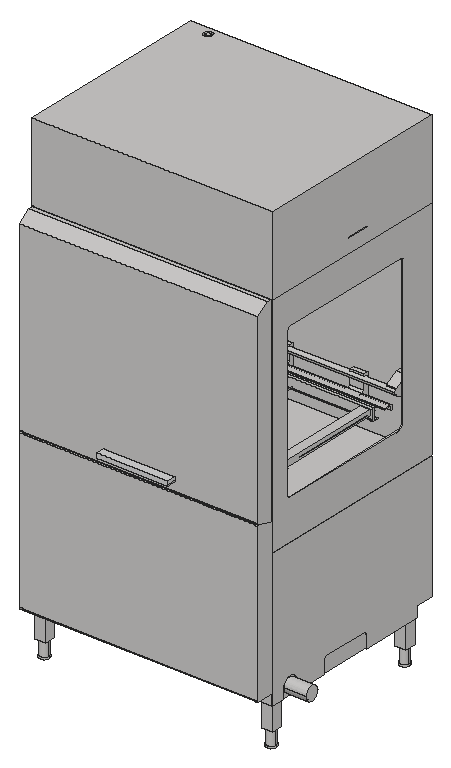
Revit family "QF_ELECTROLUXPROFESSIONAL_535037_ELPWEEW", category Specialty Equipment, Revit 2018
Family settings
  Round Connector Dimension = Use Diameter
  Part Type = Normal
  Work Plane-Based = No
  Always vertical = Yes
  Cut with Voids When Loaded = No
  Shared = No
  Room Calculation Point = No
Parameters
  Weight = 0.00 kg
  Watts = 0 W
  Volts = 380 V
  URL Manufacturer = "http://professional.electrolux.com/"
  URL = "http://professional.electrolux.com/"
  Steam Supply Size = 0 mm
  Steam Supply Minimum Pressure = 0.0 Pa
  Steam Supply Maximum Pressure = 0.0 Pa
  Steam Pounds per Hour = 0
  Show Clearance [instance] = yes
  Refrigeration Suction Line Size = 0 mm
  Refrigeration Liquid Line Size = 0 mm
  Refrigerant Compressor Remote = yes
  Manufacturer = "Electrolux"
  Phase = 3
  Model = "ELPWEEW"
  Length Actual = 890 mm  # constant formula
  Item Number = "535037"
  Hot Water Size = 0 mm
  Height Actual = 1785 mm  # constant formula
  HP = "20.8 HP"
  Gas Size = 0 mm
  Gas KW = 0
  Gas Input Pressure = 0 W
  Direct Waste Size = 50 mm
  Description = "LARGE PRE-WASH MODULE RT-ELEC.ESD"
  Depth Actual = 825 mm  # constant formula
  Cycle = 50 Hz
  Condensate Return Size = 0 mm
  Compressed Air Volume = 0.0 L/s
  Compressed Air Size = 0 mm
  Compressed Air Pressure = 0.0 Pa
  Cold Water Size = 0 mm
  Accessory = yes
Reference planes
  plane 1 "Center X": y = -14.242
  plane 2: z = 0
  plane 3 "Center Y": x = 293.437
  plane 4 "LEFT": x = -151.563
  plane 5 "RIGHT": x = 738.437
  plane 6 "BACK": y = 383.258
  plane 7 "FRONT": y = -411.742
  plane 8: z = 150
  plane 9: z = 2095
  plane 10: z = 185
  plane 11 "TOP": z = 1785
Forms (mm)
  Extrusion 1, solid, material "QF_Clearance", visible <- "Show Clearance", detail levels coarse
    sketch origin (0, 0, 0) x (1, 0, 0) y (0, 1, 0)
      loop
        line (-151.563, 383.258) -> (738.437, 383.258) -> (738.437, 433.258) -> (-151.563, 433.258) -> (-151.563, 383.258)
    from 0 to 1785
  Extrusion 2, solid, material "QF_Finishes_Stainless Steel"
    sketch origin (-151.563, 437.565, 4000) x (0, 1, 0) y (0, 0, 1)
      loop
        line (-54.307, -2507) -> (-786.807, -2507) -> (-786.807, -3337)
        arc (-786.807, -3337) -> (-785.343, -3340.536) -> (-781.807, -3342) r 5
        line (-781.807, -3342) -> (-59.307, -3342)
        arc (-59.307, -3342) -> (-55.772, -3340.536) -> (-54.307, -3337) r 5
        line (-54.307, -3337) -> (-54.307, -2507)
      loop
        line (-203.511, -2625.157) -> (-705.104, -2625.157)
        arc (-705.104, -2625.157) -> (-717.267, -2630.195) -> (-722.305, -2642.358) r 17.201
        line (-722.305, -2642.358) -> (-722.305, -3177.057)
        arc (-722.305, -3177.057) -> (-717.267, -3189.22) -> (-705.104, -3194.258) r 17.201
        line (-705.104, -3194.258) -> (-203.511, -3194.258)
        arc (-203.511, -3194.258) -> (-191.348, -3189.22) -> (-186.31, -3177.057) r 17.201
        line (-186.31, -3177.057) -> (-186.31, -2642.358)
        arc (-186.31, -2642.358) -> (-191.348, -2630.195) -> (-203.511, -2625.157) r 17.201
    from 0 to 5
  Extrusion 3, solid, material "QF_Finishes_Stainless Steel"
    sketch origin (293.437, 0, 0) x (0, 1, 0) y (0, 0, 1)
      loop
        line (383.258, 1785) -> (-349.242, 1785) -> (-349.242, 1493) -> (383.258, 1493) -> (383.258, 1785)
    from -445 to 445
  Extrusion 4, solid, material "QF_Finishes_Stainless Steel"
    sketch origin (293.437, 0, 0) x (0, 1, 0) y (0, 0, 1)
      loop
        line (383.258, 1493) -> (-349.242, 1493) -> (-349.242, 150) -> (315.758, 150) -> (315.758, 188) -> (383.258, 188) -> (383.258, 1493)
      loop
        line (315.758, 1443) -> (-324.242, 1443) -> (-324.242, 708) -> (315.758, 708) -> (315.758, 1443)
    from -440 to 440
  Extrusion 5, solid, material "QF_Finishes_Stainless Steel"
    sketch origin (-151.563, 437.565, 4000) x (0, 1, 0) y (0, 0, 1)
      loop
        line (-59.307, -3344) -> (-781.807, -3344)
        arc (-781.807, -3344) -> (-785.343, -3345.464) -> (-786.807, -3349) r 5
        line (-786.807, -3349) -> (-786.807, -3850) -> (-740.31, -3850) -> (-740.31, -3815)
        arc (-740.31, -3815) -> (-707.31, -3782) -> (-674.31, -3815) r 33
        line (-674.31, -3815) -> (-674.31, -3850) -> (-554.307, -3850) -> (-554.307, -3805)
        arc (-554.307, -3805) -> (-549.914, -3794.393) -> (-539.307, -3790) r 15
        line (-539.307, -3790) -> (-369.307, -3790)
        arc (-369.307, -3790) -> (-358.701, -3794.393) -> (-354.307, -3805) r 15
        line (-354.307, -3805) -> (-354.307, -3850) -> (-121.807, -3850) -> (-121.807, -3812) -> (-54.307, -3812) -> (-54.307, -3349)
        arc (-54.307, -3349) -> (-55.772, -3345.464) -> (-59.307, -3344) r 5
    from 0 to 5
  Extrusion 6, solid, material "QF_Finishes_Stainless Steel"
    sketch origin (738.437, 479.936, 4000) x (0, 1, 0) y (0, 0, 1)
      loop
        line (-96.678, -2507) -> (-829.178, -2507) -> (-829.178, -3337)
        arc (-829.178, -3337) -> (-827.714, -3340.536) -> (-824.178, -3342) r 5
        line (-824.178, -3342) -> (-101.678, -3342)
        arc (-101.678, -3342) -> (-98.142, -3340.536) -> (-96.678, -3337) r 5
        line (-96.678, -3337) -> (-96.678, -2507)
      loop
        line (-245.882, -2625.157) -> (-747.475, -2625.157)
        arc (-747.475, -2625.157) -> (-759.638, -2630.195) -> (-764.676, -2642.358) r 17.201
        line (-764.676, -2642.358) -> (-764.676, -3177.057)
        arc (-764.676, -3177.057) -> (-759.638, -3189.22) -> (-747.475, -3194.258) r 17.201
        line (-747.475, -3194.258) -> (-245.882, -3194.258)
        arc (-245.882, -3194.258) -> (-233.718, -3189.22) -> (-228.68, -3177.057) r 17.201
        line (-228.68, -3177.057) -> (-228.68, -2642.358)
        arc (-228.68, -2642.358) -> (-233.718, -2630.195) -> (-245.882, -2625.157) r 17.201
    from -5 to 0
  Extrusion 7, solid, material "QF_Finishes_Stainless Steel"
    sketch origin (738.437, 479.936, 4000) x (0, 1, 0) y (0, 0, 1)
      loop
        line (-101.678, -3344) -> (-824.178, -3344)
        arc (-824.178, -3344) -> (-827.714, -3345.464) -> (-829.178, -3349) r 5
        line (-829.178, -3349) -> (-829.178, -3850) -> (-782.68, -3850) -> (-782.68, -3815)
        arc (-782.68, -3815) -> (-749.68, -3782) -> (-716.68, -3815) r 33
        line (-716.68, -3815) -> (-716.68, -3850) -> (-596.678, -3850) -> (-596.678, -3805)
        arc (-596.678, -3805) -> (-592.285, -3794.393) -> (-581.678, -3790) r 15
        line (-581.678, -3790) -> (-411.678, -3790)
        arc (-411.678, -3790) -> (-401.071, -3794.393) -> (-396.678, -3805) r 15
        line (-396.678, -3805) -> (-396.678, -3850) -> (-164.178, -3850) -> (-164.178, -3812) -> (-96.678, -3812) -> (-96.678, -3349)
        arc (-96.678, -3349) -> (-98.142, -3345.464) -> (-101.678, -3344) r 5
    from -5 to 0
  Extrusion 8, void
    sketch origin (293.437, 383.258, 1785) x (1, 0, 0) y (0, -1, 0)
      loop
        circle (-353, 33.75) r 8
      loop
        circle (-353, 33.75) r 16
    from 0 to 5
Cuts and joins
  Extrusion 8 cuts Extrusion 3
Lines and regions (mm)
  symbolic lines, style "QF_Clearances", visible <- "Show Clearance", detail levels coarse
    curve 1: line (738.437, 433.258, 1785) -> (-151.563, 433.258, 1785)
  symbolic lines
    curve 2: line (-151.563, 383.258, 0) -> (738.437, 383.258, 0)
    curve 3: line (-151.563, -349.242, 0) -> (-151.563, 383.258, 0)
    curve 4: line (738.437, -349.242, 0) -> (-151.563, -349.242, 0)
    curve 5: line (738.437, 383.258, 0) -> (738.437, -349.242, 0)
    curve 6: line (-151.563, 315.758, 0) -> (738.437, 315.758, 0)
Dimensions and locks
  plane 4 "LEFT" to plane 5 "RIGHT" = 890 mm
  equal spacing: plane 6 "BACK", plane 1 "Center X", plane 7 "FRONT"
  plane 6 "BACK" to plane 7 "FRONT" = 795 mm
  plane 8 to level = 150 mm
  Extrusion 1 to Extrusion 8 sketch curve = 92 mm
  locked: Extrusion 5 to plane 4 "LEFT" at 5
  locked: plane 5 "RIGHT" to Extrusion 7 at 5
  aligned and locked: level to plane 2
  aligned and locked: plane 4 "LEFT" to nested 5
  aligned and locked: plane 5 "RIGHT" to nested 4
  aligned and locked: cut or joined group of Extrusion 3, Extrusion 8 to plane 4 "LEFT"
  aligned and locked: plane 5 "RIGHT" to cut or joined group of Extrusion 3, Extrusion 8
  aligned and locked: Extrusion 6 to Extrusion 7
  aligned and locked: Extrusion 4 to Extrusion 7
  aligned and locked: Extrusion 4 to Extrusion 5
  aligned and locked: curve 2 to plane 6 "BACK"
  aligned and locked: curve 5 to plane 5 "RIGHT"
  aligned and locked: plane 4 "LEFT" to curve 3
  aligned and locked: curve 4 to Extrusion 4
  aligned and locked: plane 11 "TOP" to Extrusion 1
  aligned and locked: plane 3 "Center Y" to nested 3
Automatic sketch dimensions
  Extrusion 1 sketch curve to plane 4 "LEFT" = 0 mm
  Extrusion 1 sketch curve to plane 5 "RIGHT" = 0 mm
  Extrusion 1 sketch curve to plane 6 "BACK" = 0 mm
  plane 6 "BACK" to Extrusion 1 sketch curve = 50 mm
  Extrusion 2 sketch curve to plane 6 "BACK" = 0 mm
  Extrusion 2 sketch curve to Extrusion 2 sketch curve = 5 mm  (x2)
  Extrusion 2 sketch curve to plane 6 "BACK" = 132.002 mm  (x2)
  Extrusion 2 sketch curve to Extrusion 2 sketch curve = 17.201 mm  (x3)
  plane 7 "FRONT" to Extrusion 2 sketch curve = 144.203 mm  (x2)
  plane 7 "FRONT" to Extrusion 2 sketch curve = 67.5 mm
  plane 10 to Extrusion 2 sketch curve = 473 mm
  Extrusion 2 sketch curve to Extrusion 2 sketch curve = 142.742 mm
  Extrusion 2 sketch curve to Extrusion 2 sketch curve = 0 mm  (x2)
  Extrusion 2 sketch curve to Extrusion 2 sketch curve = 534.698 mm
  Extrusion 2 sketch curve to Extrusion 2 sketch curve = 135.358 mm
  Extrusion 3 sketch curve to plane 6 "BACK" = 0 mm
  plane 7 "FRONT" to Extrusion 3 sketch curve = 62.5 mm
  Extrusion 3 sketch curve to Extrusion 3 sketch curve = 292 mm
  Extrusion 4 sketch curve to plane 8 = 0 mm
  Extrusion 4 sketch curve to plane 6 "BACK" = 0 mm
  plane 10 to Extrusion 4 sketch curve = 3 mm
  Extrusion 4 sketch curve to plane 6 "BACK" = 67.5 mm  (x2)
  plane 7 "FRONT" to Extrusion 4 sketch curve = 87.5 mm
  plane 7 "FRONT" to Extrusion 4 sketch curve = 62.5 mm
  Extrusion 4 sketch curve to Extrusion 4 sketch curve = 520 mm
  Extrusion 4 sketch curve to Extrusion 4 sketch curve = 50 mm
  Extrusion 5 sketch curve to plane 8 = 0 mm  (x3)
  Extrusion 5 sketch curve to plane 10 = 0 mm  (x2)
  Extrusion 5 sketch curve to plane 6 "BACK" = 0 mm
  Extrusion 5 sketch curve to plane 6 "BACK" = 5 mm
  plane 10 to Extrusion 5 sketch curve = 3 mm
  Extrusion 5 sketch curve to Extrusion 5 sketch curve = 67.5 mm
  Extrusion 5 sketch curve to plane 1 "Center X" = 97.5 mm
  Extrusion 5 sketch curve to Extrusion 5 sketch curve = 15 mm  (x2)
  plane 10 to Extrusion 5 sketch curve = 25 mm
  plane 1 "Center X" to Extrusion 5 sketch curve = 87.5 mm
  Extrusion 5 sketch curve to Extrusion 5 sketch curve = 120.002 mm
  Extrusion 5 sketch curve to Extrusion 5 sketch curve = 33 mm
  plane 7 "FRONT" to Extrusion 5 sketch curve = 67.5 mm
  Extrusion 5 sketch curve to Extrusion 5 sketch curve = 46.498 mm
  plane 10 to Extrusion 5 sketch curve = 466 mm
  Extrusion 6 sketch curve to plane 6 "BACK" = 0 mm
  Extrusion 6 sketch curve to plane 6 "BACK" = 5 mm
  Extrusion 6 sketch curve to plane 6 "BACK" = 132.002 mm  (x2)
  Extrusion 6 sketch curve to Extrusion 6 sketch curve = 17.201 mm  (x3)
  plane 7 "FRONT" to Extrusion 6 sketch curve = 144.203 mm  (x2)
  plane 7 "FRONT" to Extrusion 6 sketch curve = 67.5 mm
  Extrusion 6 sketch curve to Extrusion 6 sketch curve = 5 mm
  plane 10 to Extrusion 6 sketch curve = 473 mm
  Extrusion 6 sketch curve to Extrusion 6 sketch curve = 142.742 mm
  Extrusion 6 sketch curve to Extrusion 6 sketch curve = 0 mm  (x2)
  Extrusion 6 sketch curve to Extrusion 6 sketch curve = 534.698 mm
  Extrusion 6 sketch curve to Extrusion 6 sketch curve = 135.358 mm
  Extrusion 7 sketch curve to plane 8 = 0 mm  (x3)
  Extrusion 7 sketch curve to plane 10 = 0 mm  (x2)
  Extrusion 7 sketch curve to plane 6 "BACK" = 0 mm
  Extrusion 7 sketch curve to plane 6 "BACK" = 5 mm
  plane 10 to Extrusion 7 sketch curve = 3 mm
  Extrusion 7 sketch curve to plane 6 "BACK" = 67.5 mm
  Extrusion 7 sketch curve to plane 1 "Center X" = 97.5 mm
  Extrusion 7 sketch curve to Extrusion 7 sketch curve = 15 mm  (x2)
  plane 10 to Extrusion 7 sketch curve = 25 mm
  plane 1 "Center X" to Extrusion 7 sketch curve = 87.5 mm
  Extrusion 7 sketch curve to Extrusion 7 sketch curve = 120.002 mm
  Extrusion 7 sketch curve to Extrusion 7 sketch curve = 33 mm
  plane 7 "FRONT" to Extrusion 7 sketch curve = 67.5 mm
  Extrusion 7 sketch curve to Extrusion 7 sketch curve = 46.498 mm
  plane 10 to Extrusion 7 sketch curve = 466 mm
  Extrusion 8 sketch curve to Extrusion 8 sketch curve = 0 mm  (x2)
  Extrusion 3 to Extrusion 8 sketch curve = 33.75 mm
  curve 1 to Extrusion 3 = 0 mm  (x2)
  curve 1 to Extrusion 3 = 50 mm
  curve 6 to plane 6 "BACK" = 67.5 mm
  Extrusion 3 sketch curve to plane 11 "TOP" = 0 mm
  Extrusion 4 sketch curve to plane 11 "TOP" = 342 mm
  radius of Extrusion 8 sketch curve = 8 mm
  radius of Extrusion 8 sketch curve = 16 mm
Nested families
  nested 1: "Foot_40x40_H150" at (712.437, -324.742, 0), type "Foot_40x40_H150"
  nested 2: "Foot_40x40_H150" at (712.437, 291.258, 0), type "Foot_40x40_H150"
  nested 3: "Basket_Guide+Wash_Arm_35''" at (0, 0, 0), type "Basket_Guide+Wash_Arm_35''"
  nested 4: "Drain_DX" at (-445, 0, 0), type "Drain_DX"
  nested 5: "HWI-CWI_DX" at (445, 0, 0), type "HWI-CWI_DX"
  nested 6: "Foot_40x40_H150" at (-125.563, -324.742, 0) x (-1, 0, 0) z (0, 0, 1), type "Foot_40x40_H150"
  nested 7: "Foot_40x40_H150" at (-125.563, 291.258, 0) x (-1, 0, 0) z (0, 0, 1), type "Foot_40x40_H150"
  nested 8: "Door_35''" at (-115, 0, 0), Show Clearance <- "Show Clearance", type "Door_35''"
    with Show Clearance yes
Connectors
  piping at (818.437, -269.744, 185), diameter 50
    settings: on nested 4, index 2, connector inside diameter 609.6 mm, connector length 0 mm, flow factor 0, pipe flow 0.0 L/s, pressure drop 0.0 Pa, fitting loss kfactor 0, connector angle 0.00°, fixture units 0, engagement length 0 mm, angle of deflection 0.00°, flow configuration 1, flow direction 2, fitting loss method 0, system type 16, joint type 0, gender type 0, connector reference index -1, connector utility 0, adjustable connector no, is connector primary yes, connector description "Drain"
  piping at (-231.563, 53.258, 185), diameter 36
    settings: on nested 5, index 3, connector inside diameter 609.6 mm, connector length 0 mm, flow factor 0, pipe flow 0.0 L/s, pressure drop 0.0 Pa, fitting loss kfactor 0, connector angle 0.00°, fixture units 0, engagement length 0 mm, angle of deflection 0.00°, flow configuration 1, flow direction 1, fitting loss method 0, system type 19, joint type 0, gender type 0, connector reference index -1, connector utility 0, adjustable connector no, is connector primary no, connector description "Hot Water Inlet"
  piping at (-231.563, -86.742, 185), diameter 36
    settings: on nested 5, index 4, connector inside diameter 609.6 mm, connector length 0 mm, flow factor 0, pipe flow 0.0 L/s, pressure drop 0.0 Pa, fitting loss kfactor 0, connector angle 0.00°, fixture units 0, engagement length 0 mm, angle of deflection 0.00°, flow configuration 1, flow direction 1, fitting loss method 0, system type 20, joint type 0, gender type 0, connector reference index -1, connector utility 0, adjustable connector no, is connector primary no, connector description "Cold Water Inlet"
  electrical at (-59.563, 349.508, 1785), driven by "Volts"
    settings: on cut or joined group of Extrusion 3, Extrusion 8, index 5, voltage 380 V, apparent load 0 VA, apparent load phase1 0 VA, apparent load phase2 0 VA, apparent load phase3 0 VA, power factor 1, load classification "Altro", number of poles 1, system type 30, power factor state 1, is connector primary yes, connector utility no, sub classification motor no, connector description "Electrical Connection"
Definition of nested family "Foot_40x40_H150"
  Reference planes
    plane 1 "Centro (Fronte/Retro)": y = 0
    plane 2: z = 0
    plane 3 "Centro (Sinistra/Destra)": x = 0
    plane 4: z = 150
  Forms (mm)
    Extrusion 1, solid
      sketch origin (0, 0, 0) x (1, 0, 0) y (0, 1, 0)
        loop
          circle (0, 0) r 18
      from 0 to 5
    Extrusion 2, solid
      sketch origin (0, 0, 5) x (1, 0, 0) y (0, 1, 0)
        loop
          circle (0, 0) r 15
      from 0 to 55
    Extrusion 3, solid
      sketch origin (0, 0, 60) x (1, 0, 0) y (0, 1, 0)
        loop
          line (-20, 20) -> (-20, -20) -> (20, -20) -> (20, 20) -> (-20, 20)
      from 0 to 90
  Dimensions and locks
    aligned and locked: level to plane 2
    aligned and locked: plane 4 to Extrusion 3
    aligned and locked: Extrusion 1 to level
Definition of nested family "Basket_Guide+Wash_Arm_35''"
  Reference planes
    plane 1 "Center X": y = -14.242
    plane 2: z = 0
    plane 3 "Center Y": x = 293.437
    plane 4 "LEFT": x = -151.563
    plane 5 "RIGHT": x = 738.437
    plane 6 "BACK": y = 383.258
    plane 7 "FRONT": y = -411.742
    plane 8: z = 150
    plane 9 "TOP": z = 1785
    plane 10: z = 875
  Forms (mm)
    Extrusion 1, solid
      sketch origin (293.437, -8.484, 0) x (0, -1, 0) y (0, 0, 1)
        loop
          line (267.703, 929.245) -> (267.703, 907.554) -> (315.758, 879.81) -> (315.758, 956.99) -> (267.703, 929.245)
        loop
          line (-256.187, 929.245) -> (-304.242, 956.99) -> (-324.242, 956.99) -> (-324.242, 879.81) -> (-304.242, 879.81) -> (-256.187, 907.554) -> (-256.187, 929.245)
      from -424 to -388
    Extrusion 2, solid
      sketch origin (293.437, -8.484, 0) x (0, -1, 0) y (0, 0, 1)
        loop
          circle (270.703, 918.4) r 10
        loop
          circle (-259.187, 918.4) r 10
      from -424 to 424
    Extrusion 3, solid
      sketch origin (293.437, -28.484, 0) x (0, -1, 0) y (0, 0, 1)
        loop
          line (251.003, 880.8) -> (243.003, 872.8) -> (228.003, 872.8) -> (228.003, 855.89) -> (208.003, 855.89) -> (208.003, 833.698) -> (244.4, 833.698) -> (215.584, 804.882) -> (206.801, 763.596) -> (207.78, 763.388) -> (216.501, 804.385) -> (268.424, 856.308) -> (268.424, 933.4) -> (251.003, 933.4) -> (251.003, 880.8)
        loop
          line (-279.487, 880.8) -> (-279.487, 933.4) -> (-296.908, 933.4) -> (-296.908, 856.308) -> (-274.298, 833.698) -> (-236.487, 833.698) -> (-236.487, 855.89) -> (-256.487, 855.89) -> (-256.487, 872.8) -> (-271.487, 872.8) -> (-279.487, 880.8)
        loop
          line (223.202, 1443) -> (221.202, 1443) -> (221.202, 1420.7) -> (198.852, 1381.988) -> (200.584, 1380.988) -> (223.202, 1420.164) -> (223.202, 1443)
      from -300 to -250
    Extrusion 4, solid
      sketch origin (293.437, -8.484, 0) x (0, -1, 0) y (0, 0, 1)
        loop
          line (-249.098, 858) -> (-249.098, 870.68)
          arc (-249.098, 870.68) -> (-248.419, 872.32) -> (-246.778, 873) r 2.32
          line (-246.778, 873) -> (-219.098, 873) -> (-219.098, 875) -> (-246.778, 875)
          arc (-246.778, 875) -> (-249.833, 873.735) -> (-251.098, 870.68) r 4.32
          line (-251.098, 870.68) -> (-251.098, 858) -> (-249.098, 858)
        loop
          line (260.615, 858) -> (262.615, 858) -> (262.615, 870.68)
          arc (262.615, 870.68) -> (261.349, 873.735) -> (258.294, 875) r 4.32
          line (258.294, 875) -> (230.615, 875) -> (230.615, 873) -> (258.294, 873)
          arc (258.294, 873) -> (259.935, 872.32) -> (260.615, 870.68) r 2.32
          line (260.615, 870.68) -> (260.615, 858)
      from -410 to 410
    Extrusion 5, solid
      sketch origin (293.437, -8.484, 0) x (0, -1, 0) y (0, 0, 1)
        loop
          arc (-216.318, 825.32) -> (-216.998, 823.679) -> (-218.639, 823) r 2.32
          line (-218.639, 823) -> (-236.318, 823) -> (-236.318, 821) -> (-218.639, 821)
          arc (-218.639, 821) -> (-215.584, 822.265) -> (-214.318, 825.32) r 4.32
          line (-214.318, 825.32) -> (-214.318, 861.68)
          arc (-214.318, 861.68) -> (-215.584, 864.735) -> (-218.639, 866) r 4.32
          line (-218.639, 866) -> (-236.318, 866) -> (-236.318, 864) -> (-218.639, 864)
          arc (-218.639, 864) -> (-216.998, 863.32) -> (-216.318, 861.68) r 2.32
          line (-216.318, 861.68) -> (-216.318, 825.32)
        loop
          line (227.835, 825.32) -> (227.835, 861.68)
          arc (227.835, 861.68) -> (228.514, 863.32) -> (230.155, 864) r 2.32
          line (230.155, 864) -> (247.835, 864) -> (247.835, 866) -> (230.155, 866)
          arc (230.155, 866) -> (227.1, 864.735) -> (225.835, 861.68) r 4.32
          line (225.835, 861.68) -> (225.835, 825.32)
          arc (225.835, 825.32) -> (227.1, 822.265) -> (230.155, 821) r 4.32
          line (230.155, 821) -> (247.835, 821) -> (247.835, 823) -> (230.155, 823)
          arc (230.155, 823) -> (228.514, 823.679) -> (227.835, 825.32) r 2.32
      from -370 to 370
    Extrusion 6, solid
      sketch origin (293.437, -8.484, 0) x (0, -1, 0) y (0, 0, 1)
        loop
          line (267.703, 929.245) -> (267.703, 907.554) -> (315.758, 879.81) -> (315.758, 956.99) -> (267.703, 929.245)
        loop
          line (-256.187, 929.245) -> (-304.242, 956.99) -> (-324.242, 956.99) -> (-324.242, 879.81) -> (-304.242, 879.81) -> (-256.187, 907.554) -> (-256.187, 929.245)
      from 424 to 388
    Extrusion 7, solid
      sketch origin (293.437, -28.484, 0) x (0, -1, 0) y (0, 0, 1)
        loop
          line (251.003, 880.8) -> (243.003, 872.8) -> (228.003, 872.8) -> (228.003, 855.89) -> (208.003, 855.89) -> (208.003, 833.698) -> (244.4, 833.698) -> (215.584, 804.882) -> (206.801, 763.596) -> (207.78, 763.388) -> (216.501, 804.385) -> (268.424, 856.308) -> (268.424, 933.4) -> (251.003, 933.4) -> (251.003, 880.8)
        loop
          line (-279.487, 880.8) -> (-279.487, 933.4) -> (-296.908, 933.4) -> (-296.908, 856.308) -> (-274.298, 833.698) -> (-236.487, 833.698) -> (-236.487, 855.89) -> (-256.487, 855.89) -> (-256.487, 872.8) -> (-271.487, 872.8) -> (-279.487, 880.8)
        loop
          line (223.202, 1443) -> (221.202, 1443) -> (221.202, 1420.7) -> (198.852, 1381.988) -> (200.584, 1380.988) -> (223.202, 1420.164) -> (223.202, 1443)
      from 300 to 250
    Extrusion 8, solid
      sketch origin (293.437, -8.484, 0) x (0, -1, 0) y (0, 0, 1)
        loop
          line (225.835, 858) -> (-214.318, 858) -> (-214.318, 836) -> (225.835, 836) -> (225.835, 858)
      from -360 to -325
    Extrusion 9, solid
      sketch origin (293.437, -8.484, 0) x (0, -1, 0) y (0, 0, 1)
        loop
          line (225.835, 858) -> (-214.318, 858) -> (-214.318, 836) -> (225.835, 836) -> (225.835, 858)
      from 360 to 325
    Extrusion 10, solid
      sketch origin (293.437, 315.758, 1443) x (0, 0, 1) y (-1, 0, 0)
        loop
          line (-650.516, -267.5) -> (-663.507, -260) -> (-676.497, -267.5) -> (-676.497, -282.5) -> (-663.507, -290) -> (-650.516, -282.5) -> (-650.516, -267.5)
        loop
          line (-650.516, 7.5) -> (-663.507, 15) -> (-676.497, 7.5) -> (-676.497, -7.5) -> (-663.507, -15) -> (-650.516, -7.5) -> (-650.516, 7.5)
        loop
          line (-650.516, 282.5) -> (-663.507, 290) -> (-676.497, 282.5) -> (-676.497, 267.5) -> (-663.507, 260) -> (-650.516, 267.5) -> (-650.516, 282.5)
        loop
          line (-22.01, -267.5) -> (-35, -260) -> (-47.99, -267.5) -> (-47.99, -282.5) -> (-35, -290) -> (-22.01, -282.5) -> (-22.01, -267.5)
        loop
          line (-22.01, 7.5) -> (-35, 15) -> (-47.99, 7.5) -> (-47.99, -7.5) -> (-35, -15) -> (-22.01, -7.5) -> (-22.01, 7.5)
        loop
          line (-22.01, 282.5) -> (-35, 290) -> (-47.99, 282.5) -> (-47.99, 267.5) -> (-35, 260) -> (-22.01, 267.5) -> (-22.01, 282.5)
      from 0 to 30
    Extrusion 11, solid
      sketch origin (293.437, 285.758, 1443) x (0, 0, 1) y (-1, 0, 0)
        loop
          circle (-663.507, -275) r 10
        loop
          circle (-663.507, 0) r 10
        loop
          circle (-663.507, 275) r 10
        loop
          circle (-35, 275) r 10
        loop
          circle (-35, 0) r 10
        loop
          circle (-35, -275) r 10
      from 0 to 537.443
    Extrusion 12, solid
      sketch origin (293.437, -28.484, 0) x (0, -1, 0) y (0, 0, 1)
        loop
          line (251.003, 880.8) -> (243.003, 872.8) -> (228.003, 872.8) -> (228.003, 855.89) -> (208.003, 855.89) -> (208.003, 833.698) -> (244.4, 833.698) -> (215.584, 804.882) -> (206.801, 763.596) -> (207.78, 763.388) -> (216.501, 804.385) -> (268.424, 856.308) -> (268.424, 933.4) -> (251.003, 933.4) -> (251.003, 880.8)
        loop
          line (-279.487, 880.8) -> (-279.487, 933.4) -> (-296.908, 933.4) -> (-296.908, 856.308) -> (-274.298, 833.698) -> (-236.487, 833.698) -> (-236.487, 855.89) -> (-256.487, 855.89) -> (-256.487, 872.8) -> (-271.487, 872.8) -> (-279.487, 880.8)
        loop
          line (223.202, 1443) -> (221.202, 1443) -> (221.202, 1420.7) -> (198.852, 1381.988) -> (200.584, 1380.988) -> (223.202, 1420.164) -> (223.202, 1443)
      from -25 to 25
  Cuts and joins
    joined: Extrusion 1, Extrusion 2, Extrusion 3, Extrusion 4, Extrusion 6, Extrusion 7, Extrusion 10, Extrusion 11, Extrusion 12
    joined: Extrusion 5, Extrusion 8, Extrusion 9
  Dimensions and locks
    plane 4 "LEFT" to plane 5 "RIGHT" = 890 mm
    equal spacing: plane 4 "LEFT", plane 3 "Center Y", plane 5 "RIGHT"
    equal spacing: plane 6 "BACK", plane 1 "Center X", plane 7 "FRONT"
    plane 6 "BACK" to plane 7 "FRONT" = 795 mm
    plane 9 "TOP" to plane 8 to level = 1635 mm, 150 mm
    aligned and locked: level to plane 2
  Automatic sketch dimensions
    plane 10 to Extrusion 1 sketch curve = 4.81 mm  (x2)
    Extrusion 1 sketch curve to plane 6 "BACK" = 67.5 mm
    Extrusion 1 sketch curve to Extrusion 1 sketch curve = 20 mm  (x2)
    Extrusion 1 sketch curve to Extrusion 1 sketch curve = 48.055 mm  (x2)
    plane 10 to Extrusion 1 sketch curve = 32.554 mm  (x2)
    Extrusion 1 sketch curve to Extrusion 1 sketch curve = 21.691 mm  (x2)
    Extrusion 1 sketch curve to Extrusion 1 sketch curve = 27.745 mm  (x2)
    plane 10 to Extrusion 2 sketch curve = 43.4 mm  (x2)
    Extrusion 2 sketch curve to plane 6 "BACK" = 132.555 mm
    Extrusion 3 sketch curve to plane 6 "BACK" = 114.834 mm
    Extrusion 3 sketch curve to Extrusion 3 sketch curve = 17.421 mm  (x3)
    plane 10 to Extrusion 3 sketch curve = 5.8 mm  (x2)
    Extrusion 3 sketch curve to plane 10 = 41.302 mm
    Extrusion 3 sketch curve to Extrusion 3 sketch curve = 22.61 mm
    Extrusion 3 sketch curve to plane 10 = 2.2 mm  (x2)
    Extrusion 3 sketch curve to Extrusion 3 sketch curve = 8 mm  (x2)
    Extrusion 3 sketch curve to Extrusion 3 sketch curve = 15 mm  (x2)
    Extrusion 3 sketch curve to Extrusion 3 sketch curve = 20 mm  (x2)
    Extrusion 3 sketch curve to Extrusion 3 sketch curve = 1.732 mm
    Extrusion 3 sketch curve to Extrusion 3 sketch curve = 0.978 mm
    Extrusion 3 sketch curve to Extrusion 3 sketch curve = 0.916 mm
    Extrusion 3 sketch curve to Extrusion 3 sketch curve = 2 mm
    Extrusion 3 sketch curve to Extrusion 3 sketch curve = 39.101 mm
    Extrusion 3 sketch curve to Extrusion 3 sketch curve = 16.909 mm  (x2)
    Extrusion 3 sketch curve to plane 10 = 18.692 mm  (x2)
    Extrusion 3 sketch curve to Extrusion 3 sketch curve = 52.6 mm  (x2)
    Extrusion 3 sketch curve to Extrusion 3 sketch curve = 22.3 mm
    Extrusion 4 sketch curve to Extrusion 4 sketch curve = 0 mm  (x6)
    Extrusion 4 sketch curve to plane 10 = 0 mm  (x2)
    Extrusion 4 sketch curve to plane 10 = 4.32 mm  (x2)
    Extrusion 4 sketch curve to plane 6 "BACK" = 140.644 mm
    Extrusion 4 sketch curve to Extrusion 4 sketch curve = 2 mm  (x2)
    Extrusion 4 sketch curve to Extrusion 4 sketch curve = 27.68 mm  (x2)
    Extrusion 4 sketch curve to Extrusion 4 sketch curve = 12.68 mm  (x2)
    Extrusion 5 sketch curve to Extrusion 5 sketch curve = 0 mm  (x10)
    Extrusion 5 sketch curve to plane 10 = 9 mm
    Extrusion 5 sketch curve to plane 6 "BACK" = 155.423 mm
    Extrusion 5 sketch curve to Extrusion 5 sketch curve = 17.68 mm  (x4)
    Extrusion 5 sketch curve to Extrusion 5 sketch curve = 2.32 mm  (x3)
    Extrusion 5 sketch curve to Extrusion 5 sketch curve = 2 mm  (x2)
    Extrusion 5 sketch curve to Extrusion 5 sketch curve = 36.36 mm
    Extrusion 5 sketch curve to plane 10 = 13.32 mm
    plane 10 to Extrusion 6 sketch curve = 4.81 mm  (x2)
    Extrusion 6 sketch curve to plane 6 "BACK" = 67.5 mm
    Extrusion 6 sketch curve to Extrusion 6 sketch curve = 20 mm  (x2)
    Extrusion 6 sketch curve to Extrusion 6 sketch curve = 48.055 mm  (x2)
    plane 10 to Extrusion 6 sketch curve = 32.554 mm  (x2)
    Extrusion 6 sketch curve to Extrusion 6 sketch curve = 21.691 mm  (x2)
    Extrusion 6 sketch curve to Extrusion 6 sketch curve = 27.745 mm  (x2)
    Extrusion 7 sketch curve to plane 6 "BACK" = 114.834 mm
    Extrusion 7 sketch curve to Extrusion 7 sketch curve = 17.421 mm  (x3)
    plane 10 to Extrusion 7 sketch curve = 5.8 mm  (x2)
    Extrusion 7 sketch curve to plane 10 = 41.302 mm
    Extrusion 7 sketch curve to Extrusion 7 sketch curve = 22.61 mm
    Extrusion 7 sketch curve to plane 10 = 2.2 mm  (x2)
    Extrusion 7 sketch curve to Extrusion 7 sketch curve = 8 mm  (x2)
    Extrusion 7 sketch curve to Extrusion 7 sketch curve = 15 mm  (x2)
    Extrusion 7 sketch curve to Extrusion 7 sketch curve = 20 mm  (x2)
    Extrusion 7 sketch curve to Extrusion 7 sketch curve = 1.732 mm
    Extrusion 7 sketch curve to Extrusion 7 sketch curve = 0.978 mm
    Extrusion 7 sketch curve to Extrusion 7 sketch curve = 0.916 mm
    Extrusion 7 sketch curve to Extrusion 7 sketch curve = 2 mm
    Extrusion 7 sketch curve to Extrusion 7 sketch curve = 39.101 mm
    Extrusion 7 sketch curve to Extrusion 7 sketch curve = 16.909 mm  (x2)
    Extrusion 7 sketch curve to plane 10 = 18.692 mm  (x2)
    Extrusion 7 sketch curve to Extrusion 7 sketch curve = 52.6 mm  (x2)
    Extrusion 7 sketch curve to Extrusion 7 sketch curve = 22.3 mm
    Extrusion 8 sketch curve to plane 10 = 17 mm
    Extrusion 8 sketch curve to Extrusion 8 sketch curve = 22 mm
    Extrusion 9 sketch curve to plane 10 = 17 mm
    Extrusion 9 sketch curve to Extrusion 9 sketch curve = 22 mm
    Extrusion 10 sketch curve to Extrusion 10 sketch curve = 7.5 mm  (x15)
    plane 3 "Center Y" to Extrusion 10 sketch curve = 15 mm  (x2)
    plane 3 "Center Y" to Extrusion 10 sketch curve = 7.5 mm  (x4)
    Extrusion 10 sketch curve to plane 3 "Center Y" = 7.5 mm  (x4)
    Extrusion 11 sketch curve to Extrusion 10 = 12.99 mm  (x7)
    Extrusion 11 sketch curve to Extrusion 11 sketch curve = 0 mm
    Extrusion 11 sketch curve to Extrusion 11 sketch curve = 275 mm  (x4)
    Extrusion 12 sketch curve to plane 6 "BACK" = 114.834 mm
    Extrusion 12 sketch curve to Extrusion 12 sketch curve = 17.421 mm  (x3)
    plane 10 to Extrusion 12 sketch curve = 5.8 mm  (x2)
    Extrusion 12 sketch curve to plane 10 = 41.302 mm
    Extrusion 12 sketch curve to Extrusion 12 sketch curve = 22.61 mm
    Extrusion 12 sketch curve to plane 10 = 2.2 mm  (x2)
    Extrusion 12 sketch curve to Extrusion 12 sketch curve = 8 mm  (x2)
    Extrusion 12 sketch curve to Extrusion 12 sketch curve = 15 mm  (x2)
    Extrusion 12 sketch curve to Extrusion 12 sketch curve = 20 mm  (x2)
    Extrusion 12 sketch curve to Extrusion 12 sketch curve = 1.732 mm
    Extrusion 12 sketch curve to Extrusion 12 sketch curve = 0.978 mm
    Extrusion 12 sketch curve to Extrusion 12 sketch curve = 0.916 mm
    Extrusion 12 sketch curve to Extrusion 12 sketch curve = 2 mm
    Extrusion 12 sketch curve to Extrusion 12 sketch curve = 39.101 mm
    Extrusion 12 sketch curve to Extrusion 12 sketch curve = 16.909 mm  (x2)
    Extrusion 12 sketch curve to plane 10 = 18.692 mm  (x2)
    Extrusion 12 sketch curve to Extrusion 12 sketch curve = 52.6 mm  (x2)
    Extrusion 12 sketch curve to Extrusion 12 sketch curve = 22.3 mm
    plane 7 "FRONT" to Extrusion 1 sketch curve = 135.555 mm
    plane 7 "FRONT" to Extrusion 2 sketch curve = 132.555 mm
    plane 7 "FRONT" to Extrusion 3 sketch curve = 184.407 mm
    plane 7 "FRONT" to Extrusion 3 sketch curve = 176.457 mm
    Extrusion 3 sketch curve to Extrusion 3 sketch curve = 7.581 mm
    Extrusion 3 sketch curve to Extrusion 3 sketch curve = 16.397 mm
    Extrusion 3 sketch curve to Extrusion 3 sketch curve = 0 mm
    plane 7 "FRONT" to Extrusion 4 sketch curve = 172.644 mm
    plane 7 "FRONT" to Extrusion 5 sketch curve = 177.423 mm
    plane 7 "FRONT" to Extrusion 6 sketch curve = 135.555 mm
    plane 7 "FRONT" to Extrusion 7 sketch curve = 184.407 mm
    plane 7 "FRONT" to Extrusion 7 sketch curve = 176.457 mm
    Extrusion 7 sketch curve to Extrusion 7 sketch curve = 7.581 mm
    Extrusion 7 sketch curve to Extrusion 7 sketch curve = 16.397 mm
    Extrusion 7 sketch curve to Extrusion 7 sketch curve = 0 mm
    Extrusion 8 sketch curve to plane 6 "BACK" = 177.423 mm
    plane 7 "FRONT" to Extrusion 8 sketch curve = 177.423 mm
    Extrusion 9 sketch curve to plane 6 "BACK" = 177.423 mm
    plane 7 "FRONT" to Extrusion 9 sketch curve = 177.423 mm
    plane 7 "FRONT" to Extrusion 12 sketch curve = 184.407 mm
    plane 7 "FRONT" to Extrusion 12 sketch curve = 176.457 mm
    Extrusion 12 sketch curve to Extrusion 12 sketch curve = 7.581 mm
    Extrusion 12 sketch curve to Extrusion 12 sketch curve = 16.397 mm
    Extrusion 12 sketch curve to Extrusion 12 sketch curve = 0 mm
    Extrusion 10 sketch curve to plane 5 "RIGHT" = 185 mm  (x2)
    Extrusion 10 sketch curve to Extrusion 10 sketch curve = 15 mm  (x7)
    plane 4 "LEFT" to Extrusion 10 sketch curve = 185 mm  (x2)
    Extrusion 3 sketch curve to Extrusion 3 sketch curve = 1.202 mm
    Extrusion 3 sketch curve to Extrusion 3 sketch curve = 22.35 mm
    Extrusion 3 sketch curve to Extrusion 3 sketch curve = 28.816 mm
    Extrusion 3 sketch curve to Extrusion 3 sketch curve = 0.498 mm
    Extrusion 3 sketch curve to plane 9 "TOP" = 404.012 mm
    Extrusion 3 sketch curve to Extrusion 3 sketch curve = 1 mm
    Extrusion 5 sketch curve to Extrusion 5 sketch curve = 40.68 mm
    Extrusion 7 sketch curve to Extrusion 7 sketch curve = 1.202 mm
    Extrusion 7 sketch curve to Extrusion 7 sketch curve = 22.35 mm
    Extrusion 7 sketch curve to Extrusion 7 sketch curve = 28.816 mm
    Extrusion 7 sketch curve to Extrusion 7 sketch curve = 0.498 mm
    Extrusion 7 sketch curve to plane 9 "TOP" = 404.012 mm
    Extrusion 7 sketch curve to Extrusion 7 sketch curve = 1 mm
    Extrusion 10 sketch curve to plane 10 = 108.497 mm  (x3)
    Extrusion 10 sketch curve to Extrusion 10 sketch curve = 12.99 mm  (x18)
    Extrusion 10 sketch curve to plane 9 "TOP" = 389.99 mm
    Extrusion 10 sketch curve to Extrusion 10 sketch curve = 0 mm  (x2)
    Extrusion 12 sketch curve to Extrusion 12 sketch curve = 1.202 mm
    Extrusion 12 sketch curve to Extrusion 12 sketch curve = 22.35 mm
    Extrusion 12 sketch curve to Extrusion 12 sketch curve = 28.816 mm
    Extrusion 12 sketch curve to Extrusion 12 sketch curve = 0.498 mm
    Extrusion 12 sketch curve to plane 9 "TOP" = 404.012 mm
    Extrusion 12 sketch curve to Extrusion 12 sketch curve = 1 mm
    radius of Extrusion 2 sketch curve = 10 mm  (x2)
    radius of Extrusion 11 sketch curve = 10 mm  (x6)
Definition of nested family "Drain_DX"
  Reference planes
    plane 1: z = 0
    plane 2 "RIGHT": x = 1183.437
    plane 3 "BACK": y = 383.258
    plane 4 "FRONT": y = -411.742
    plane 5: z = 150
    plane 6 "TOP": z = 1785
  Forms (mm)
    Extrusion 1, solid
      sketch origin (1183.437, 437.565, 4000) x (0, 1, 0) y (0, 0, 1)
        loop
          circle (-707.31, -3815) r 25
      from -5 to 80
  Dimensions and locks
    plane 3 "BACK" to plane 4 "FRONT" = 795 mm
    plane 6 "TOP" to plane 5 to level = 1635 mm, 150 mm
    aligned and locked: level to plane 1
Definition of nested family "HWI-CWI_DX"
  Reference planes
    plane 1: z = 0
    plane 2 "LEFT": x = -596.563
    plane 3 "BACK": y = 383.258
    plane 4 "FRONT": y = -411.742
    plane 5: z = 150
    plane 6 "TOP": z = 1785
  Forms (mm)
    Revolve 1, solid
      sketch origin (4267.2, -349.242, 185) x (0, -1, 0) y (1, 0, 0)
        loop
          line (-402.5, -4943.763) -> (-402.5, -4858.763) -> (-420.5, -4858.763) -> (-420.5, -4876.167) -> (-416.808, -4876.167) -> (-416.808, -4880.167) -> (-420.5, -4880.167) -> (-420.5, -4894.168) -> (-418.588, -4894.168) -> (-418.588, -4898.168) -> (-416.588, -4898.168) -> (-416.588, -4899.868)
          spline (-416.588, -4899.868) -> (-416.342, -4901.916) -> (-415.73, -4903.656) -> (-414.933, -4905.149) -> (-414.137, -4906.456) -> (-413.524, -4907.64) -> (-413.279, -4908.762) -> (-413.524, -4909.884) -> (-414.137, -4911.068) -> (-414.933, -4912.376) -> (-415.73, -4913.868) -> (-416.342, -4915.608) -> (-416.588, -4917.657)
          line (-416.588, -4917.657) -> (-416.588, -4925.762) -> (-418.588, -4925.762) -> (-418.588, -4929.762) -> (-420.5, -4929.762) -> (-420.5, -4943.763) -> (-402.5, -4943.763)
        axis (-402.5, -4858.763) -> (-402.5, -4943.763)
      angle from 0 to 360
    Revolve 2, solid
      sketch origin (4267.2, -349.242, 185) x (0, -1, 0) y (1, 0, 0)
        loop
          line (-262.5, -4943.763) -> (-262.5, -4858.763) -> (-280.5, -4858.763) -> (-280.5, -4876.167) -> (-276.808, -4876.167) -> (-276.808, -4880.167) -> (-280.5, -4880.167) -> (-280.5, -4894.168) -> (-278.588, -4894.168) -> (-278.588, -4898.168) -> (-276.588, -4898.168) -> (-276.588, -4899.868)
          spline (-276.588, -4899.868) -> (-276.342, -4901.916) -> (-275.73, -4903.656) -> (-274.933, -4905.149) -> (-274.137, -4906.456) -> (-273.524, -4907.64) -> (-273.279, -4908.762) -> (-273.524, -4909.884) -> (-274.137, -4911.068) -> (-274.933, -4912.376) -> (-275.73, -4913.868) -> (-276.342, -4915.608) -> (-276.588, -4917.657)
          line (-276.588, -4917.657) -> (-276.588, -4925.762) -> (-278.588, -4925.762) -> (-278.588, -4929.762) -> (-280.5, -4929.762) -> (-280.5, -4943.763) -> (-262.5, -4943.763)
        axis (-262.5, -4858.763) -> (-262.5, -4943.763)
      angle from 0 to 360
  Dimensions and locks
    plane 3 "BACK" to plane 4 "FRONT" = 795 mm  (x2)
    plane 6 "TOP" to plane 5 to level = 1635 mm, 150 mm
    aligned and locked: level to plane 1
Definition of nested family "Door_35''"
  Parameters
    Show Clearance [instance] = yes
  Reference planes
    plane 1: z = 0
    plane 2 "Center Y": x = 408.437
    plane 3 "LEFT": x = -36.563
    plane 4 "RIGHT": x = 853.437
    plane 5 "FRONT": y = -411.742
    plane 6: z = 150
    plane 7 "TOP": z = 1785
    plane 8: z = 2095
    plane 9: z = 185
    plane 10: y = -349.242
  Forms (mm)
    Extrusion 1, solid
      sketch origin (853.437, -411.742, 1493) x (0, 0, -1) y (1, 0, 0)
        loop
          line (666, -576) -> (681, -576)
          arc (681, -576) -> (684.536, -574.536) -> (686, -571) r 5
          line (686, -571) -> (686, -319)
          arc (686, -319) -> (684.536, -315.464) -> (681, -314) r 5
          line (681, -314) -> (666, -314) -> (666, -576)
      from 0 to 30
    Extrusion 2, solid
      sketch origin (408.437, 0, 0) x (0, 1, 0) y (0, 0, 1)
        loop
          line (-349.242, 188) -> (-349.242, 758.131) -> (-408.595, 774.035)
          arc (-408.595, 774.035) -> (-410.764, 773.603) -> (-411.742, 771.62) r 2.5
          line (-411.742, 771.62) -> (-411.742, 190.5)
          arc (-411.742, 190.5) -> (-411.01, 188.732) -> (-409.242, 188) r 2.5
          line (-409.242, 188) -> (-349.242, 188)
      from -440 to 440
    Extrusion 3, solid
      sketch origin (408.437, 0, 0) x (0, 1, 0) y (0, 0, 1)
        loop
          line (-352.242, 1493) -> (-369.317, 1493) -> (-411.742, 1463.413) -> (-411.742, 778.225)
          arc (-411.742, 778.225) -> (-411.225, 776.703) -> (-409.889, 775.81) r 2.5
          line (-409.889, 775.81) -> (-355.389, 761.206)
          arc (-355.389, 761.206) -> (-353.22, 761.638) -> (-352.242, 763.621) r 2.5
          line (-352.242, 763.621) -> (-352.242, 1493)
      from -440 to 440
    Extrusion 4, solid, visible <- "Show Clearance", detail levels coarse
      sketch origin (853.437, -411.742, 2095) x (0, 0, -1) y (1, 0, 0)
        loop
          line (666, -576) -> (681, -576)
          arc (681, -576) -> (684.536, -574.536) -> (686, -571) r 5
          line (686, -571) -> (686, -319)
          arc (686, -319) -> (684.536, -315.464) -> (681, -314) r 5
          line (681, -314) -> (666, -314) -> (666, -576)
      from 0 to 30
    Extrusion 5, solid, visible <- "Show Clearance", detail levels coarse
      sketch origin (408.437, 0, 602) x (0, 1, 0) y (0, 0, 1)
        loop
          line (-352.242, 1493) -> (-369.317, 1493) -> (-411.742, 1463.413) -> (-411.742, 861.413) -> (-369.317, 891) -> (-352.242, 891) -> (-352.242, 1493)
      from -440 to 440
  Lines and regions (mm)
    symbolic lines
      curve 1: line (-31.563, -411.742, 1785) -> (-31.563, -349.242, 1785)
      curve 2: line (848.437, -411.742, 1785) -> (-31.563, -411.742, 1785)
      curve 3: line (848.437, -349.242, 1785) -> (848.437, -411.742, 1785)
      curve 4: line (277.437, -441.742, 1785) -> (277.437, -411.742, 1785)
      curve 5: line (539.437, -441.742, 1785) -> (277.437, -441.742, 1785)
      curve 6: line (539.437, -411.742, 1785) -> (539.437, -441.742, 1785)
  Dimensions and locks
    plane 3 "LEFT" to plane 4 "RIGHT" = 890 mm
    plane 7 "TOP" to plane 6 to level = 1635 mm, 150 mm
    equal spacing: plane 3 "LEFT", plane 2 "Center Y", plane 4 "RIGHT"
    locked: plane 3 "LEFT" to Extrusion 5 at 5
    locked: Extrusion 5 to plane 4 "RIGHT" at 5
    aligned and locked: level to plane 1
    aligned and locked: Extrusion 3 to Extrusion 5
    aligned and locked: Extrusion 2 to Extrusion 5
    aligned and locked: Extrusion 3 to Extrusion 2
    aligned and locked: Extrusion 5 to Extrusion 2
    aligned and locked: curve 1 to Extrusion 5
    aligned and locked: curve 3 to Extrusion 5
    aligned and locked: Extrusion 4 to Extrusion 1
  Automatic sketch dimensions
    Extrusion 1 sketch curve to plane 2 "Center Y" = 131 mm
    plane 9 to Extrusion 1 sketch curve = 642 mm
    Extrusion 1 sketch curve to Extrusion 1 sketch curve = 15 mm  (x2)
    Extrusion 1 sketch curve to Extrusion 1 sketch curve = 5 mm
    plane 2 "Center Y" to Extrusion 1 sketch curve = 126 mm
    Extrusion 2 sketch curve to plane 5 "FRONT" = 0 mm
    Extrusion 2 sketch curve to plane 10 = 0 mm
    plane 5 "FRONT" to Extrusion 2 sketch curve = 2.5 mm
    Extrusion 2 sketch curve to Extrusion 2 sketch curve = 2.5 mm
    Extrusion 2 sketch curve to Extrusion 2 sketch curve = 0.647 mm
    plane 9 to Extrusion 2 sketch curve = 3 mm
    Extrusion 2 sketch curve to Extrusion 2 sketch curve = 570.131 mm
    Extrusion 2 sketch curve to Extrusion 2 sketch curve = 13.489 mm
    Extrusion 3 sketch curve to plane 5 "FRONT" = 0 mm
    plane 5 "FRONT" to Extrusion 3 sketch curve = 1.853 mm
    Extrusion 3 sketch curve to Extrusion 3 sketch curve = 0.647 mm  (x2)
    Extrusion 3 sketch curve to plane 10 = 20.076 mm
    Extrusion 3 sketch curve to plane 10 = 6.147 mm
    Extrusion 3 sketch curve to plane 10 = 3 mm
    plane 9 to Extrusion 3 sketch curve = 576.206 mm
    Extrusion 3 sketch curve to Extrusion 3 sketch curve = 14.603 mm
    Extrusion 3 sketch curve to plane 7 "TOP" = 321.587 mm
    Extrusion 3 sketch curve to Extrusion 3 sketch curve = 29.587 mm
    Extrusion 4 sketch curve to plane 2 "Center Y" = 131 mm
    Extrusion 4 sketch curve to plane 7 "TOP" = 356 mm
    Extrusion 4 sketch curve to Extrusion 4 sketch curve = 15 mm  (x2)
    Extrusion 4 sketch curve to Extrusion 4 sketch curve = 5 mm
    plane 2 "Center Y" to Extrusion 4 sketch curve = 126 mm
    Extrusion 5 sketch curve to plane 5 "FRONT" = 0 mm
    Extrusion 5 sketch curve to plane 8 = 0 mm
    Extrusion 5 sketch curve to plane 10 = 20.076 mm  (x2)
    Extrusion 5 sketch curve to plane 10 = 3 mm
    Extrusion 5 sketch curve to plane 8 = 29.587 mm
    Extrusion 5 sketch curve to plane 7 "TOP" = 292 mm
    Extrusion 5 sketch curve to Extrusion 5 sketch curve = 29.587 mm
    curve 1 to plane 10 = 0 mm
    curve 3 to plane 10 = 0 mm
    curve 2 to plane 5 "FRONT" = 0 mm
    curve 4 to curve 5 = 30 mm
    curve 5 to plane 2 "Center Y" = 131 mm
    plane 2 "Center Y" to curve 5 = 131 mm
